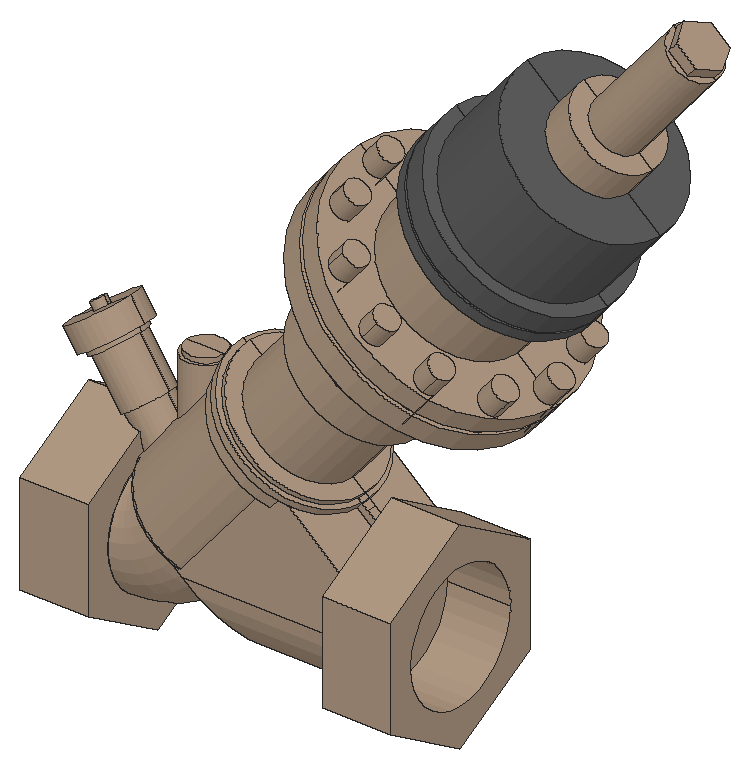
Revit family "oventrop_cocon-qtr_1146112-16rfa", category Арматура трубопроводов, Revit 2017
Family settings
  Размер круглого соединителя = Использовать радиус
  Тип детали = Клапан - Вставляется
  Номер OmniClass = 23.65.55.14.17
  Заголовок OmniClass = Adjusting/Controlling Valves for Liquid Services
  На основе рабочей плоскости = Нет
  Всегда вертикально = Да
  При загрузке вырезать с полостями = Нет
  Общий = Нет
Parameters (values of type "DN 50")
  Wholesaler Art. No. = ""
  Wholesaler = ""
  built-in parameter 1114242 [instance] = 1
  URL = "http://file-system.ru/catalog/zdaniya_i_sooruzheniya/kommunikatsii/oborudovanie_dlya_sistem_vodosnabzheniya_i_vodootvedeniya/hycocon_qtr_dn_40_50_ventil_reguliruyushchiy/"
  Stabu Code = ""
  Revit Version = "2015"  # constant formula
  Product Line = "Oventrop"  # constant formula
  Группа модели = "Cocon QTR Female-Female 11461"
  MEPcontent Class = "VALVE_CONTROL"  # constant formula
  Language = ""
  Internal Art. No. = ""
  IFCExportType = "REGULATING"
  IFCExportAs = "IfcValveType"
  GTIN = "4026755372458"
  Function Code [instance] = ""
  Female_Port_Width = 25.700 mm
  r3_Bonnet = (0.28571 * D_Bonnet) / 2  # 14.857 mm
  r2 = 3.000 mm  # constant formula
  r1 = 2.000 mm  # constant formula
  Use Nominal Diameter [instance] = yes
  SW2 = Nut_Dimension / sqrt(3 / 4)  # 80.829 mm
  Nut_Dimension = 70.000 mm
  Rcut_Bonnet = R1_Bonnet - 1.000 mm  # 22.026 mm
  Rad5 = Rad4 + 2.000 mm  # 32.400 mm
  Rad4 = Rad3 + 2.500 mm  # 30.400 mm
  Rad3 = Rad2 + 2.500 mm  # 27.900 mm
  Rad2 = Rad1  # 25.400 mm
  Rad1 = NominalDiameter / 2  # 25.400 mm
  R3_Bonnet [instance] = NominalRadius + 7.500 mm  # 32.900 mm
  R2_Bonnet = (0.6 * D_Bonnet) / 2  # 31.200 mm
  R1_Bonnet = (0.4428 * D_Bonnet) / 2  # 23.026 mm
  Pressure Drop = 0.0 Pa
  NominalRadius [instance] = if(Use Nominal Diameter, NominalDiameter / 2, OuterDiameter / 2)  # 25.400 mm
  NominalDiameter = 50.800 mm
  Изготовитель = "Oventrop"  # constant formula
  Lgt2 = 11.000 mm  # constant formula
  Lgt1 = Female_Port_Width + 2.000 mm  # 27.700 mm
  L2 = Rad2 * tan(Angle / 2)  # 11.844 mm
  Length = 150.000 mm
  Hlp1 = 22.000 mm  # constant formula
  Hb6 = ((Hb2 + Hb3 + Hb5 + (2 * r1)) / sin(Angle)) - (NominalDiameter * 0.29 + 2.700 mm)  # 63.503 mm
  Hb5 = 3.000 mm  # constant formula
  Hb4 = 18.000 mm  # constant formula
  Hb3 = 5.000 mm
  Hb2 = if(NominalDiameter > 25.000 mm, 50.000 mm, NominalDiameter * 0.6 + 10.000 mm)  # 50.000 mm
  Hb1 = (Height / sin(Angle)) - (10.000 mm / tan(Angle))  # 324.488 mm
  H_Bonnet = Height  # 255.000 mm
  H1_Bonnet = 0.242 * H_Bonnet  # 61.710 mm
  Height = 255.000 mm
  Family Version = "10.14"  # constant formula
  ETIM Article Class = "EC011435"
  EMCS Version = "2.0"  # constant formula
  Dist_elem = 30.000 mm  # constant formula
  Описание = "Flow control valve"  # constant formula
  OuterDiameter = 60.300 mm
  D_Bonnet = 104.000 mm  # constant formula
  Manufacturer URL = "http://www.oventrop.de/ArticleInfo.aspx?art=1146116&sprache=nl"
  Custom = no
  CB-NL Class = ""
  Bronze = Color RGB 156-122-90
  BonnetPlastic = Color RGB 35-35-35
  Article Type = "Cocon QTR Female-Female 11461"  # constant formula
  Article Description = "Flow control valve"  # constant formula
  Angle = 50.00°  # constant formula
  Manufacturer Art. No. = "1146116"
Types (2, lengths in mm): name | URL | GTIN | Female_Port_Width | SW2 | Nut_Dimension | Rad5 | Rad4 | Rad3 | Rad2 | Rad1 | R3_Bonnet | NominalRadius | NominalDiameter | Lgt1 | L2 | Length | Hb6 | Hb1 | H_Bonnet | H1_Bonnet | Height | OuterDiameter | Manufacturer URL | Manufacturer Art. No.
  DN 40 | "www.stabiplan.com" | "4026755353051" | 19.100 | 62.354 | 54.000 | 26.050 | 24.050 | 21.550 | 19.050 | 19.050 | 26.550 | 19.050 | 38.100 | 21.100 | 8.883 | 120.000 | 67.186 | 311.434 | 245.000 | 59.290 | 245.000 | 48.300 | "http://www.oventrop.de/ArticleInfo.aspx?art=1146112&sprache=nl&AspxAutoDetectCookieSupport=1" | "1146112"
  DN 50 | "http://file-system.ru/catalog/zdaniya_i_sooruzheniya/kommunikatsii/oborudovanie_dlya_sistem_vodosnabzheniya_i_vodootvedeniya/hycocon_qtr_dn_40_50_ventil_reguliruyushchiy/" | "4026755372458" | 25.700 | 80.829 | 70.000 | 32.400 | 30.400 | 27.900 | 25.400 | 25.400 | 32.900 | 25.400 | 50.800 | 27.700 | 11.844 | 150.000 | 63.503 | 324.488 | 255.000 | 61.710 | 255.000 | 60.300 | "http://www.oventrop.de/ArticleInfo.aspx?art=1146116&sprache=nl" | "1146116"
Reference planes
  plane 1 "Center (Front/Back)": y = 0
  plane 2: z = 0
  plane 3 "Center (Left/Right)": x = 0
  plane 4: x = -75
  plane 5: x = 75
  plane 6: x = 49.3
  plane 7: x = -49.3
  plane 8: x = -47.3
  plane 9: z = -25.4
  plane 10: z = -27.9
  plane 11: z = -30.4
  plane 12: x = -35.456
  plane 13: z = 25.4
  plane 14: y = 5.5
  plane 15: y = -5.5
  plane 16: y = -25.4
  plane 17: y = 25.4
  plane 18: x = 47.3
  plane 19: y = 11
  plane 20: y = -11
  plane 21: y = -2
  plane 22: y = 2
  plane 23: z = 40.415
  plane 24: z = -40.415
  plane 25: y = 35
  plane 26: y = -35
  plane 27: z = 255
  plane 28: z = 190.646
Forms (mm)
  Extrusion 1, solid, material "Color RGB 156-122-90" <- "Bronze", detail levels fine
    sketch origin (0, 0, 0) x (0, 1, 0) y (0, 0, 1)
      loop
        circle (0, 0) r 25.4
    from -49.3 to 49.3
  Revolve 2, void
    sketch origin (-35.456, 0, 0) x (0.642788, 0, 0.766044) y (-0.766044, 0, 0.642788)
      loop
        line (11.844, 0) -> (-150, 0) -> (-150, -150) -> (11.844, -150) -> (11.844, 0)
      axis (-150, 0) -> (11.844, 0)
    angle from 0 to 360
  Revolve 3, solid, material "Color RGB 156-122-90" <- "Bronze", detail levels fine
    sketch origin (-47.3, -1524, 140.053) x (0, 0, 1) y (0, -1, 0)
      loop
        circle (-140.053, -1524) r 25.4
      axis (-114.653, -1524) -> (-114.653, -1523)
    angle from 0 to -50
  Extrusion 4, solid, material "Color RGB 156-122-90" <- "Bronze", detail levels fine
    sketch origin (-47.3, -1524, 140.053) x (0, 0, 1) y (0, -1, 0)
      loop
        circle (-140.053, -1524) r 25.4
    from -2 to 0
  Revolve 5, solid, material "Color RGB 156-122-90" <- "Bronze", detail levels fine
    sketch origin (-28.571, 0, 0) x (0.642788, 0, 0.766044) y (-0.766044, 0, 0.642788)
      loop
        line (71.419, 5.274) -> (7.419, 5.274) -> (7.419, -20.626)
        arc (7.419, -20.626) -> (8.005, -22.04) -> (9.419, -22.626) r 2
        line (9.419, -22.626) -> (57.419, -22.626) -> (59.419, -25.126) -> (64.419, -25.126) -> (66.419, -27.126) -> (69.419, -27.126) -> (69.419, -25.126) -> (71.419, -25.126) -> (71.419, 5.274)
      axis (7.419, 5.274) -> (71.419, 5.274)
    angle from 0 to 360
  Extrusion 6, solid, material "Color RGB 156-122-90" <- "Bronze", detail levels fine
    sketch origin (49.3, -1524, 140.053) x (0, 0, 1) y (0, -1, 0)
      loop
        circle (-140.053, -1524) r 25.4
    from 0 to -2
  Extrusion 7, solid, material "Color RGB 156-122-90" <- "Bronze", detail levels fine
    sketch origin (-35.456, 0, 0) x (0.642788, 0, 0.766044) y (-0.766044, 0, 0.642788)
      loop
        line (70.844, 0) -> (11.844, 0) -> (11.844, -14.115) -> (53.194, -63.395) -> (70.844, -48.585) -> (70.844, 0)
    from -25.4 to 25.4
  Extrusion 8, solid, material "Color RGB 156-122-90" <- "Bronze", detail levels fine
    sketch origin (-35.456, 0, 0) x (0.642788, 0, 0.766044) y (-0.766044, 0, 0.642788)
      loop
        line (73.844, -35.25) -> (73.844, 0) -> (48.373, -57.649) -> (54.48, -64.927) -> (73.937, -48.6) -> (73.844, -35.25)
    from -2 to 2
  Revolve 9, solid, material "Color RGB 156-122-90" <- "Bronze", detail levels fine
    sketch origin (-27.842, 0, 9.073) x (-0.573576, 0, 0.819152) y (-0.819152, 0, -0.573576)
      loop
        line (61, -11) -> (63, -11) -> (63, -14) -> (73, -14) -> (73, -3) -> (76, -3) -> (76, 0) -> (0, 0) -> (0, -9) -> (40, -9) -> (40, -10) -> (61, -10) -> (61, -11)
      axis (0, 0) -> (76, 0)
    angle from 0 to 360
  Revolve 10, solid, material "Color RGB 156-122-90" <- "Bronze", detail levels fine
    sketch origin (-27.842, 0, 9.073) x (0, 0, 1) y (-1, 0, 0)
      loop
        line (0, 0) -> (0, -9) -> (58.011, -9) -> (58.011, -7.533) -> (60, -7.533) -> (60, 0) -> (0, 0)
      axis (0, 0) -> (60, 0)
    angle from 0 to 360
  Extrusion 11, solid, material "Color RGB 156-122-90" <- "Bronze", detail levels fine
    sketch origin (0, 0, 0) x (0, 1, 0) y (0, 0, 1)
      loop
        line (0, 40.415) -> (-35, 20.207) -> (-35, -20.207) -> (0, -40.415) -> (35, -20.207) -> (35, 20.207) -> (0, 40.415)
      loop
        circle (0, 0) r 25.4
    from 47.3 to 75
  Extrusion 12, solid, material "Color RGB 156-122-90" <- "Bronze", detail levels fine
    sketch origin (0, 0, 0) x (0, 1, 0) y (0, 0, 1)
      loop
        line (0, 40.415) -> (-35, 20.207) -> (-35, -20.207) -> (0, -40.415) -> (35, -20.207) -> (35, 20.207) -> (0, 40.415)
      loop
        circle (0, 0) r 25.4
    from -75 to -47.3
  Revolve 13, solid, material "Color RGB 156-122-90" <- "Bronze", detail levels fine
    sketch origin (0, 0, 0) x (1, 0, 0) y (0, 0, 1)
      loop
        line (169.821, 251.341) -> (166.607, 247.511) -> (161.481, 251.813) -> (130.351, 214.713) -> (124.988, 219.213) -> (115.347, 207.722) -> (120.709, 203.223) -> (85.356, 161.09) -> (69.91, 174.051) -> (50.626, 151.07) -> (34.664, 164.463) -> (29.143, 157.883) -> (30.675, 156.598) -> (29.389, 155.066) -> (27.857, 156.351) -> (21.429, 148.691) -> (37.391, 135.297) -> (24.536, 119.976) -> (23.242, 115.146) -> (13.6, 103.656) -> (17.43, 100.442) -> (-5.127, 73.559) -> (13.296, 58.1) -> (173.121, 248.572) -> (169.821, 251.341)
      axis (13.296, 58.1) -> (173.121, 248.572)
    angle from 0 to 360
  Revolve 14, solid, material "Color RGB 35-35-35" <- "BonnetPlastic", detail levels fine
    sketch origin (103.84, 0, 306.705) x (0.766044, 0, -0.642788) y (0.642788, 0, 0.766044)
      loop
        line (90.439, -68.43) -> (55.439, -68.43) -> (55.439, -107.43) -> (50.439, -107.43) -> (50.439, -117.43) -> (51.439, -117.43) -> (51.439, -118.43) -> (50.439, -118.43) -> (50.439, -123.43) -> (90.439, -123.43) -> (90.439, -68.43)
      axis (90.439, -123.43) -> (90.439, -68.43)
    angle from 0 to 360
  Extrusion 15, solid, material "Color RGB 156-122-90" <- "Bronze", detail levels fine
    sketch origin (13.296, 0, 58.1) x (0.766044, 0, -0.642788) y (0, 1, 0)
      loop
        line (-10, 0) -> (-5, -8.66) -> (5, -8.66) -> (10, 0) -> (5, 8.66) -> (-5, 8.66) -> (-10, 0)
    from 243.644 to 248.644
  Extrusion 16, solid, material "Color RGB 156-122-90" <- "Bronze", detail levels fine
    sketch origin (13.296, 0, 58.1) x (0.766044, 0, -0.642788) y (0, 1, 0)
      loop
        circle (23.544, 38.971) r 5
      loop
        circle (1.044, 45) r 5
      loop
        circle (-21.456, 38.971) r 5
      loop
        circle (-37.927, 22.5) r 5
      loop
        circle (-43.956, 0) r 5
      loop
        circle (-37.927, -22.5) r 5
      loop
        circle (-21.456, -38.971) r 5
      loop
        circle (1.044, -45) r 5
      loop
        circle (23.544, -38.971) r 5
      loop
        circle (40.015, -22.5) r 5
      loop
        circle (46.044, 0) r 5
      loop
        circle (40.015, 22.5) r 5
    from 74.625 to 104.625
  Extrusion 17, void
    sketch origin (-49.3, -1524, -152.182) x (0, 0, 1) y (0, -1, 0)
      loop
        circle (152.182, -1524) r 25.4
    from 0 to -25.7
Cuts and joins
  joined: Revolve 13, Extrusion 15
  Extrusion 17 cuts Revolve 5
  Extrusion 17 cuts Revolve 9
  Extrusion 17 cuts Extrusion 12
  joined: Revolve 9, Extrusion 12
  Extrusion 17 cuts Revolve 10
  Revolve 2, Extrusion 17 cuts Extrusion 1
  Extrusion 17 cuts Extrusion 6
  Extrusion 17 cuts Extrusion 7
  Extrusion 17 cuts Extrusion 11
  joined: Extrusion 1, Extrusion 6, Extrusion 7, Extrusion 11
  Extrusion 17 cuts Extrusion 4
Lines and regions (mm)
  reference lines
    curve 1: line (-35.456, 0, 0) -> (221.659, 0, 306.418)
    curve 2: line (103.84, 0, 306.705) -> (237.19, 0, 194.812)
    curve 3: line (-55.985, 0, 116.233) -> (77.365, 0, 4.339)
    curve 4: line (-57.27, 0, 114.701) -> (76.08, 0, 2.807)
    curve 5: line (-59.199, 0, 112.403) -> (74.151, 0, 0.509)
    curve 6: line (-60.484, 0, 110.871) -> (72.866, 0, -1.023)
    curve 7: line (-63.698, 0, 107.041) -> (69.652, 0, -4.853)
    curve 8: line (-97.123, 0, 67.207) -> (36.227, 0, -44.687)
    curve 9: line (-35.456, 0, 0) -> (50.561, 0, -72.176)
    curve 10: line (-64.984, 0, 105.509) -> (68.366, 0, -6.385)
    curve 11: line (18.6, 0, 21.017) -> (58.964, 0, 69.12)
    curve 12: line (60.879, 0, 67.513) -> (20.516, 0, 19.41)
    curve 13: line (62.411, 0, 66.227) -> (22.048, 0, 18.124)
    curve 14: line (184.06, 24, 261.608) -> (170.485, 24, 245.431)
    curve 15: line (184.06, -24, 261.608) -> (170.485, -24, 245.431)
    curve 16: line (184.06, 35, 261.608) -> (170.485, 35, 245.431)
    curve 17: line (173.121, 41.48, 248.572) -> (173.121, -45.862, 248.572)
    curve 18: line (171.193, 41.48, 246.274) -> (171.193, -45.862, 246.274)
    curve 19: line (160.265, -45.862, 233.251) -> (160.265, 41.48, 233.251)
    curve 20: line (-27.842, 0, 9.073) -> (-56.521, 0, 50.031)
    curve 21: line (-27.842, 0, 9.073) -> (-27.842, 0, 51.372)
    curve 22: line (0, 70, 0) -> (0, 0, 40.415)
    curve 23: line (0, 0, -40.415) -> (0, -70, 0)
    curve 24: line (0, -70, 0) -> (0, 0, 40.415)
    curve 25: line (0, 0, -40.415) -> (0, 70, 0)
  model lines, style "Accessories", detail levels coarse+medium
    curve 26: line (-49.3, 0, 25.4) -> (-49.3, 0, -25.4)
    curve 27: line (49.3, 0, 25.4) -> (49.3, 0, -25.4)
    curve 28: line (-49.3, 0, -25.4) -> (49.3, 0, 25.4)
    curve 29: line (49.3, 0, -25.4) -> (-49.3, 0, 25.4)
    curve 30: circle (0, 0, 0) r 25.4 normal (1, 0, 0)
    curve 31: line (-49.3, 25.4, 0) -> (-49.3, -25.4, 0)
    curve 32: line (49.3, 25.4, 0) -> (49.3, -25.4, 0)
    curve 33: line (49.3, 25.4, 0) -> (-49.3, -25.4, 0)
    curve 34: line (-49.3, 25.4, 0) -> (49.3, -25.4, 0)
Dimensions and locks
  equal spacing: plane 5, plane 3 "Center (Left/Right)", plane 4
  "Length": plane 5 to plane 4
  "Female_Port_Width": plane 7 to plane 4
  "Lgt1": plane 4 to plane 8
  "L2": plane 12 to plane 8
  "Female_Port_Width": plane 6 to plane 5
  "Rad4": level to plane 11
  "Rad3": level to plane 10
  "Rad2": level to plane 9
  "Rad2": plane 13 to level
  equal spacing: plane 14, plane 1 "Center (Front/Back)", plane 15
  "Lgt2": plane 14 to plane 15
  "Hb1": curve 9 to curve 2
  "Length": Revolve 2 sketch curve to curve 1
  "Length": Revolve 2 sketch curve to curve 9
  equal spacing: plane 17, plane 1 "Center (Front/Back)", plane 16
  "Rad2": plane 1 "Center (Front/Back)" to plane 16
  "L2": curve 9 to curve 8
  "Lgt1": plane 5 to plane 18
  "Hb2": curve 8 to curve 10
  "r1": curve 10 to curve 7
  "Hb3": curve 7 to curve 6
  "r1": curve 6 to curve 5
  "Hb5": curve 5 to curve 4
  "r1": curve 4 to curve 3
  "Rad3": curve 11 to curve 1
  "Rad4": curve 12 to curve 1
  "Rad5": curve 13 to curve 1
  "Hlp1": plane 19 to plane 20
  equal spacing: plane 19, plane 1 "Center (Front/Back)", plane 20
  equal spacing: curve 14, curve 1, curve 15
  locked: curve 14 to curve 1 at 24
  curve 16 to curve 1 = 35.000 mm
  "Hb1": curve 1 to curve 17
  locked: curve 18 to curve 17 at 3
  locked: curve 19 to curve 18 at 17
  equal spacing: plane 22, plane 1 "Center (Front/Back)", plane 21
  "r1": plane 1 "Center (Front/Back)" to plane 21
  locked: Revolve 9 sketch curve to curve 20 at 9
  locked: Revolve 9 sketch curve to Revolve 9 sketch curve at 40
  locked: Revolve 9 sketch curve to Revolve 9 sketch curve at 21
  locked: Revolve 10 sketch curve to curve 21 at 9
  equal spacing: plane 25, plane 1 "Center (Front/Back)", plane 26
  "Nut_Dimension": plane 25 to plane 26
  equal spacing: plane 23, level, plane 24
  "SW2": plane 23 to plane 24
  equal spacing: curve 23, plane 1 "Center (Front/Back)", curve 22
  "Nut_Dimension": curve 23 to curve 22
  equal spacing: curve 24, plane 1 "Center (Front/Back)", curve 25
  "Nut_Dimension": curve 24 to curve 25
  locked: Revolve 9 sketch curve to Revolve 9 sketch curve at 2
  locked: Revolve 9 sketch curve to Revolve 9 sketch curve at 10
  locked: Revolve 9 sketch curve to Revolve 9 sketch curve at 3  (x3)
  locked: Revolve 9 sketch curve to Revolve 9 sketch curve at 1  (x2)
  locked: plane 1 "Center (Front/Back)" to Extrusion 11 sketch curve
  locked: level to Extrusion 11 sketch curve
  locked: level to Extrusion 12 sketch curve
  locked: plane 1 "Center (Front/Back)" to Extrusion 12 sketch curve
  "Height": plane 27 to level
  locked: Revolve 10 sketch curve to Revolve 10 sketch curve at 1.989
  locked: Revolve 10 sketch curve to Revolve 10 sketch curve at 60
  locked: plane 27 to plane 28 at 64.354
  curve 1 to Revolve 13 sketch curve to Revolve 13 sketch curve to Revolve 13 sketch curve to Revolve 13 sketch curve to Revolve 13 sketch curve to Revolve 13 sketch curve to Revolve 13 sketch curve to Revolve 13 sketch curve = 4.308 mm locked, 6.692 mm locked, 7.000 mm locked, 6.050 mm locked, 5.000 mm locked, 2.113 mm locked, 18.837 mm locked, 2.000 mm locked
  curve 1 to Revolve 14 sketch curve to Revolve 14 sketch curve to Revolve 14 sketch curve = 35.000 mm locked, 4.000 mm locked, 1.000 mm locked
  Revolve 14 sketch curve to Revolve 14 sketch curve to Revolve 14 sketch curve to Revolve 14 sketch curve to Revolve 14 sketch curve to curve 2 = 5.000 mm locked, 1.000 mm locked, 10.000 mm locked, 39.000 mm locked, 68.430 mm locked
  Revolve 13 sketch curve to Revolve 13 sketch curve to Revolve 13 sketch curve to Revolve 13 sketch curve to Revolve 13 sketch curve to Revolve 13 sketch curve to Revolve 13 sketch curve to Revolve 13 sketch curve to Revolve 13 sketch curve to Revolve 13 sketch curve to Revolve 13 sketch curve to curve 2 = 15.000 mm locked, 4.532 mm locked, 20.000 mm locked, 10.000 mm locked, 2.000 mm locked, 8.590 mm locked, 30.000 mm locked, 55.000 mm locked, 15.000 mm locked, 48.430 mm locked, 5.000 mm locked
  locked: cut or joined group of Revolve 13, Extrusion 15 to Extrusion 16 at 30
  "Rad2": radius of Extrusion 1 sketch curve
  "Rad2": radius of Revolve 3 sketch curve
  "NominalRadius": radius of Extrusion 4 sketch curve
  "r1": radius of Revolve 5 sketch curve
  "NominalRadius": radius of Extrusion 6 sketch curve
  "NominalRadius": radius of curve 30
  "NominalRadius": radius of Extrusion 11 sketch curve
  "NominalRadius": radius of Extrusion 12 sketch curve
  "NominalRadius": radius of Extrusion 17 sketch curve
  "Angle": angle level to curve 1
  locked: curve 1 to curve 20 (angle 75.00°)
  locked: curve 1 to curve 21 (angle 40.00°)
  aligned and locked: level to plane 2
  aligned and locked: plane 12 to curve 1
  aligned and locked: plane 2 to curve 1
  aligned and locked: curve 3 to curve 2  (x2)
  aligned and locked: curve 4 to curve 2  (x2)
  aligned and locked: curve 5 to curve 2  (x2)
  aligned and locked: curve 6 to curve 2  (x2)
  aligned and locked: curve 7 to curve 2  (x2)
  aligned and locked: curve 8 to curve 2  (x2)
  aligned and locked: curve 9 to curve 1  (x2)
  aligned and locked: Revolve 2 sketch curve to curve 1  (x2)
  aligned and locked: plane 6 to Extrusion 1
  aligned and locked: plane 7 to Extrusion 1
  aligned and locked: Revolve 3 sketch curve to plane 13
  aligned and locked: plane 7 to Extrusion 4
  aligned and locked: plane 8 to Extrusion 4
  aligned and locked: Revolve 5 sketch curve to curve 8
  aligned and locked: curve 1 to Revolve 5 sketch curve
  aligned and locked: Revolve 5 sketch curve to curve 1
  aligned and locked: curve 8 to Revolve 2 sketch curve
  aligned and locked: curve 12 to curve 11  (x2)
  aligned and locked: curve 13 to curve 11  (x2)
  aligned and locked: curve 3 to Revolve 5 sketch curve
  aligned and locked: Revolve 5 sketch curve to curve 11
  aligned and locked: curve 10 to Revolve 5 sketch curve
  aligned and locked: curve 12 to Revolve 5 sketch curve
  aligned and locked: curve 7 to Revolve 5 sketch curve
  aligned and locked: curve 6 to Revolve 5 sketch curve
  aligned and locked: curve 5 to Revolve 5 sketch curve
  aligned and locked: curve 13 to Revolve 5 sketch curve
  aligned and locked: Revolve 5 sketch curve to curve 4
  aligned and locked: Revolve 5 sketch curve to curve 12
  aligned and locked: curve 17 to curve 19  (x2)
  aligned and locked: curve 17 to curve 18  (x2)
  aligned and locked: Extrusion 6 to plane 18
  aligned and locked: curve 5 to Extrusion 7 sketch curve
  aligned and locked: Extrusion 7 sketch curve to plane 18
  aligned and locked: plane 2 to Extrusion 7 sketch curve
  aligned and locked: curve 1 to Extrusion 7 sketch curve
  aligned and locked: plane 17 to Extrusion 7
  aligned and locked: plane 16 to Extrusion 7
  aligned and locked: curve 8 to Extrusion 7 sketch curve
  aligned and locked: curve 4 to Extrusion 8 sketch curve  (x2)
  aligned and locked: plane 13 to Extrusion 8 sketch curve
  aligned and locked: Extrusion 8 sketch curve to plane 6
  aligned and locked: plane 2 to Extrusion 8 sketch curve
  aligned and locked: Extrusion 8 to plane 22
  aligned and locked: plane 21 to Extrusion 8
  aligned and locked: Revolve 9 sketch curve to curve 20  (x2)
  aligned and locked: Revolve 10 sketch curve to curve 21  (x2)
  aligned and locked: level to curve 22
  aligned and locked: plane 23 to curve 22
  aligned and locked: plane 1 "Center (Front/Back)" to curve 22
  aligned and locked: level to curve 23
  aligned and locked: Extrusion 11 sketch curve to curve 24
  aligned and locked: Extrusion 11 sketch curve to plane 26
  aligned and locked: Extrusion 11 sketch curve to curve 23
  aligned and locked: Extrusion 11 sketch curve to curve 25
  aligned and locked: Extrusion 11 sketch curve to plane 25
  aligned and locked: curve 22 to Extrusion 11 sketch curve
  aligned and locked: Extrusion 12 sketch curve to curve 24
  aligned and locked: Extrusion 12 sketch curve to plane 26
  aligned and locked: Extrusion 12 sketch curve to curve 23
  aligned and locked: Extrusion 12 sketch curve to curve 25
  aligned and locked: Extrusion 12 sketch curve to plane 25
  aligned and locked: curve 22 to Extrusion 12 sketch curve
  aligned and locked: plane 8 to Extrusion 12
  aligned and locked: Extrusion 11 to plane 18
  aligned and locked: plane 13 to curve 26
  aligned and locked: plane 7 to curve 26
  aligned and locked: plane 13 to curve 27
  aligned and locked: plane 9 to curve 27
  aligned and locked: curve 27 to plane 6
  aligned and locked: plane 9 to curve 26
  aligned and locked: plane 17 to curve 31
  aligned and locked: plane 16 to curve 31
  aligned and locked: plane 7 to curve 31
  aligned and locked: plane 17 to curve 32
  aligned and locked: plane 16 to curve 32
  aligned and locked: curve 32 to plane 6
  aligned and locked: Extrusion 12 to plane 4
  aligned and locked: Extrusion 11 to plane 5
  aligned and locked: curve 1 to Extrusion 8 sketch curve
  aligned and locked: Revolve 13 sketch curve to curve 1  (x2)
  aligned and locked: curve 2 to Revolve 13 sketch curve
  aligned and locked: Revolve 5 to Revolve 13 sketch curve
  aligned and locked: curve 1 to Revolve 14 sketch curve
  aligned and locked: Revolve 14 sketch curve to Revolve 14 sketch curve
  aligned and locked: curve 2 to Extrusion 15
  aligned and locked: Revolve 13 to Extrusion 15
  aligned and locked: cut or joined group of Revolve 13, Extrusion 15 to Extrusion 16
  aligned and locked: Extrusion 17 to plane 7
  aligned and locked: Extrusion 17 to plane 4
Automatic sketch dimensions
  Extrusion 8 sketch curve to Extrusion 8 sketch curve = 6.106 mm
  Extrusion 8 sketch curve to Extrusion 8 sketch curve = 13.349 mm
  Revolve 9 sketch curve to curve 20 = 0.000 mm  (x3)
  Revolve 10 sketch curve to curve 21 = 0.000 mm  (x3)
  Revolve 10 sketch curve to Revolve 10 sketch curve = 1.467 mm
  Revolve 13 sketch curve to level = 0.000 mm
  Revolve 13 sketch curve to Revolve 13 sketch curve = 7.960 mm
  Revolve 13 sketch curve to Revolve 13 sketch curve = 1.294 mm
  Revolve 13 sketch curve to Revolve 13 sketch curve = 15.446 mm
  plane 27 to Revolve 13 sketch curve = 61.418 mm
  Revolve 14 sketch curve to Revolve 14 sketch curve = 1.000 mm
  Revolve 14 sketch curve to curve 2 = 311.434 mm
  curve 2 to Revolve 14 sketch curve = 88.566 mm
  Extrusion 15 sketch curve to Revolve 5 = 0.000 mm
  Revolve 5 to Extrusion 15 sketch curve = 0.000 mm
  Extrusion 15 sketch curve to Extrusion 15 sketch curve = 5.000 mm  (x3)
  Revolve 5 to Extrusion 15 sketch curve = 8.660 mm
  Extrusion 15 sketch curve to Revolve 5 = 8.660 mm
  Extrusion 15 sketch curve to Extrusion 15 sketch curve = 10.000 mm  (x2)
  Extrusion 16 sketch curve to Extrusion 16 sketch curve = 0.000 mm  (x22)
  Extrusion 16 sketch curve to Revolve 5 = 0.000 mm
  Revolve 5 to Extrusion 16 sketch curve = 0.000 mm
  Extrusion 16 sketch curve to Extrusion 16 sketch curve = 6.029 mm  (x5)
  Extrusion 16 sketch curve to Extrusion 16 sketch curve = 16.471 mm  (x8)
  Extrusion 16 sketch curve to Extrusion 16 sketch curve = 22.500 mm  (x4)
  Revolve 5 to Extrusion 16 sketch curve = 22.500 mm  (x2)
  Extrusion 16 sketch curve to Revolve 5 = 22.500 mm  (x2)
  Extrusion 16 sketch curve to Extrusion 16 sketch curve = 5.000 mm  (x4)
  Extrusion 16 sketch curve to Extrusion 16 sketch curve = 4.330 mm  (x11)
  Extrusion 16 sketch curve to Extrusion 16 sketch curve = 2.500 mm  (x10)
  curve 30 to level = 0.000 mm
  curve 30 to plane 1 "Center (Front/Back)" = 0.000 mm
  Extrusion 1 sketch curve to level = 0.000 mm
  Extrusion 1 sketch curve to plane 1 "Center (Front/Back)" = 0.000 mm
  curve 9 to curve 1 = 112.287 mm
  curve 20 to curve 1 = 0.000 mm
  curve 21 to curve 1 = 0.000 mm
  curve 21 to curve 11 = 39.002 mm
  curve 11 to curve 11 = 62.794 mm
  curve 2 to curve 1 = 83.637 mm
  curve 7 to curve 10 = 0.000 mm  (x2)
  curve 20 to curve 7 = 42.143 mm
  Revolve 2 sketch curve to curve 1 = 0.000 mm  (x2)
  Revolve 3 sketch curve to level = 0.000 mm
  Revolve 3 sketch curve to plane 1 "Center (Front/Back)" = 0.000 mm
  Revolve 3 sketch curve to plane 25 = 1425.254 mm
  plane 26 to Revolve 3 sketch curve = 2809.349 mm
  Extrusion 4 sketch curve to level = 0.000 mm
  Extrusion 4 sketch curve to plane 1 "Center (Front/Back)" = 0.000 mm
  Revolve 5 sketch curve to level = 0.000 mm
  Revolve 5 sketch curve to Revolve 5 sketch curve = 352.034 mm
  curve 15 to curve 18 = 1.101 mm
  curve 16 to curve 18 = 1.101 mm
  curve 14 to curve 16 = 0.000 mm
  curve 15 to curve 15 = 21.118 mm
  curve 14 to curve 14 = 21.118 mm
  curve 16 to curve 14 = 0.000 mm
  curve 16 to curve 14 = 11.000 mm
  curve 19 to curve 16 = 6.480 mm
  curve 15 to curve 19 = 21.862 mm
  curve 18 to curve 17 = 0.000 mm
  Extrusion 6 sketch curve to level = 0.000 mm
  Extrusion 6 sketch curve to plane 1 "Center (Front/Back)" = 0.000 mm
  Extrusion 17 sketch curve to level = 0.000 mm
  Extrusion 17 sketch curve to plane 1 "Center (Front/Back)" = 0.000 mm
  radius of Extrusion 16 sketch curve = 5.000 mm
Connectors
  piping at (-49.3, 0, 0), diameter 50.8, driven by "NominalRadius", driven by "Pressure Drop"
    settings: on Extrusion 4, index 1, connector inside diameter 15.000 mm, connector length 0.000 mm, flow factor 0, pipe flow 0.0 L/s, pressure drop 0.0 Pa, fitting loss kfactor 0, connector angle 0.00°, fixture units 0, engagement length 0.000 mm, angle of deflection 0.00°, flow configuration 0, flow direction 1, fitting loss method 4, system type 29, joint type 0, gender type 0, connector reference index 2, connector utility 0, adjustable connector no, is connector primary yes, connector description "Global In"
  piping at (49.3, 0, 0), diameter 50.8, driven by "Pressure Drop", driven by "NominalRadius"
    settings: on cut or joined group of Extrusion 1, Revolve 2, Extrusion 6, Extrusion 7, Extrusion 11, Extrusion 17, index 2, connector inside diameter 609.600 mm, connector length 0.000 mm, flow factor 0, pipe flow 0.0 L/s, pressure drop 0.0 Pa, fitting loss kfactor 0, connector angle 0.00°, fixture units 0, engagement length 0.000 mm, angle of deflection 0.00°, flow configuration 0, flow direction 2, fitting loss method 4, system type 29, joint type 0, gender type 0, connector reference index 1, connector utility 0, adjustable connector no, is connector primary no, connector description "Global Out"
